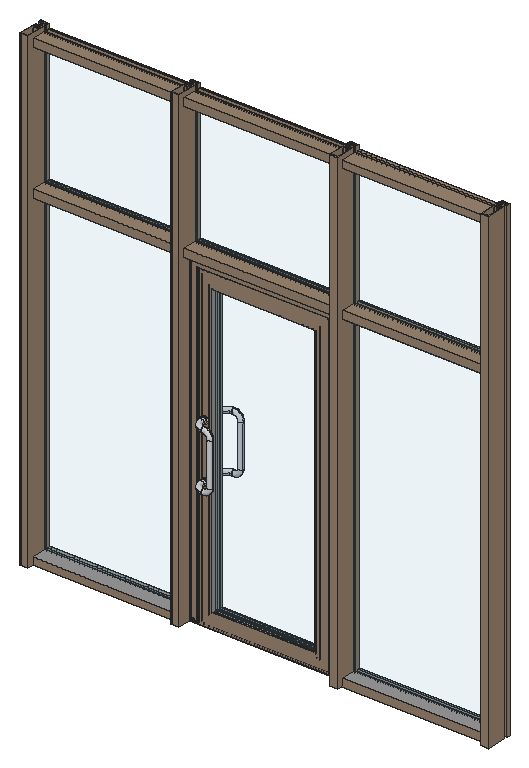
Revit family "4_Витраж с одностворчатой дверью внутр. открывания_F50", category Двери, Revit 2019
Family settings
  Основа = Стена
  Номер OmniClass = 23.30.20.17.11
  Заголовок OmniClass = Fixed Windows
  Всегда вертикально = Да
  При загрузке вырезать с полостями = Нет
  Общий = Нет
  Точка расчета площади = Нет
Parameters (values of type "Стоечно-ригельная F50")
  Ширина прав. = 975.00 mm
  Ширина лев. [instance] = 974.998 mm
  Ширина двери = 1000.00 mm
  Width [instance] = 0.00 mm  # constant formula
  Монтажный зазор.Верх [instance] = 25.00 mm
  Высота двери = 2100.00 mm
  VIDNAL_Ширина створки = 1000.00 mm
  VIDNAL_Ширина проема [instance] = 3000.00 mm
  VIDNAL_Цвет конструкции = ""
  VIDNAL_Фурнитура [instance] = ""
  VIDNAL_Формула стеклопакета [instance] = ""
  VIDNAL_Толщина стеклопакета [instance] = "24"  # constant formula
  VIDNAL_Сопротивление ветровой нагрузке = ""
  VIDNAL_Система профилей [instance] = "F50"  # constant formula
  VIDNAL_Площадь изделия [instance] = VIDNAL_Высота проема * VIDNAL_Ширина проема  # 9.00 m²
  VIDNAL_Звукоизоляция [instance] = ""
  VIDNAL_Глубина вставки [instance] = 200.00 mm
  VIDNAL_Высота проема [instance] = 3000.00 mm
  Rough Width = 0.00 mm  # constant formula
  Rough Height = 0.00 mm  # constant formula
  Описание = "Окно"
  Обозначение = "ГОСТ 23747-2015"
  Наименование = ""
  Монтажный зазор.Правый [instance] = 25.00 mm
  Монтажный зазор.Левый [instance] = 25.002 mm
  Марка проема [instance] = ""
  Model = ""
  Стекло = АС_Стекло
  Рама = Aluminum
  Type Comments = ""
  Assembly Code = ""
  Wall Closure = (empty or 0)
  Height [instance] = 0.00 mm  # constant formula
  Аналитическая конструкция = "<Нет>"
  VIDNAL_Возухопроницаемость [instance] = ""
  VIDNAL_Водонепроницаемость [instance] = ""
  VIDNAL_Rприв. профиля со стеклопакетом [instance] = ""
  ADSK_Позиция [instance] = ""
  ADSK_Завод-изготовитель [instance] = "VIDNAL"  # constant formula
Reference planes
  plane 1 "Глубина профиля": y = -152.984
  plane 2 "Отметка 0.000": z = 0
  plane 3 "Слева": x = -1260.6
  plane 4 "Справа": x = 1739.4
  plane 5 "низ рамы": z = 9
  plane 6 "ВЕРХ": z = 3000
  plane 7 "Внутренняя": y = -190
  plane 8 "стекло центр": x = -248.6
  plane 9 "стекло центр2": x = 727.4
  plane 10 "рама верх": z = 2089.5
  plane 11: y = 190
  plane 12 "стойка1": x = -1235.598
  plane 13 "стойка2": x = -260.6
  plane 14 "стойка3": x = 739.4
  plane 15 "стойка4": x = 1714.4
  plane 16 "Вставка витража": y = 10
  plane 17 "стекло2": x = -272.6
  plane 18 "верх ригеля": z = 2975
  plane 19 "стекло3": x = -1198.598
  plane 20 "стекло верх": z = 2935.5
  plane 21 "ригель2": z = 2100
  plane 22 "стекло сред": z = 2112
  plane 23 "стекло прав": x = 751.4
  plane 24 "стекло прав2": x = 1676.9
  plane 25 "стекло низ": z = 37.5
  plane 26 "Импост": y = -8
  plane 27 "Вставка рамы_слева": x = -250.1
  plane 28 "Вставка рамы_справа": x = 728.905
Forms (mm)
  Extrusion 1, void, detail levels medium+fine
    sketch origin (0, 38, 0) x (0, 0, 1) y (-1, 0, 0)
      loop
        line (3000, -1739.4) -> (3000, 1260.6) -> (0, 1260.6) -> (0, -1739.4) -> (3000, -1739.4)
    from -152 to 228
  Sweep 2, solid, material "Aluminum" <- "Рама"
    path origin (0, 10, 0) x (0, 0, -1) y (-1, 0, 0)
      loop
        line (0, 1235.598) -> (-3000, 1235.598)
    profile "Стойка_110_F50 : Стойка_110_F50" origin (-1235.598, 10, 1500) x (1, 0, 0) y (0, 1, 0)
      loop
        line (47.802, -65.689) -> (2.202, -65.689) -> (2.202, -159.701) -> (47.802, -159.701) -> (47.802, -65.689)
      loop
        line (27, -22.742) -> (27, -17) -> (23.003, -17) -> (23.003, -22.742) -> (27, -22.742)
      loop
        line (27.002, -33.984) -> (27.002, -24.129) -> (23.002, -24.129) -> (23.002, -33.984) -> (27.002, -33.984)
      loop
        line (27.002, -54.258) -> (27.002, -35.261) -> (23.002, -35.261) -> (23.002, -54.258) -> (27.002, -54.258)
      loop
        line (28.302, -63.458) -> (28.302, -55.984) -> (21.702, -55.984) -> (21.702, -63.458) -> (28.302, -63.458)
      loop
        line (2.15, -12) -> (2.15, -15) -> (11.1, -15) -> (11.1, -12) -> (2.15, -12)
      loop
        line (38.9, -12) -> (38.9, -15) -> (47.85, -15) -> (47.85, -12) -> (38.9, -12)
      loop
        line (36.9, -13) -> (36.9, -10) -> (45.838, -10) -> (45.838, -7) -> (49, -7) -> (49, -1.4) -> (1, -1.4) -> (1, -7) -> (4.181, -7) -> (4.181, -10) -> (13.1, -10) -> (13.1, -13) -> (36.9, -13)
      loop
        line (50, 0) -> (0, 0) -> (0, -17.984) -> (12.999, -17.984) -> (12.999, -16.984) -> (14.683, -16.984) -> (14.683, -15) -> (20, -15) -> (20, -63.484) -> (2.202, -63.484) -> (2.202, -58.984) -> (9.709, -58.984) -> (11.764, -56.825) -> (11.764, -53.006) -> (12.992, -53.006) -> (12.992, -41.959) -> (0.002, -41.959) -> (0.002, -53.006) -> (0.002, -162.984) -> (49.952, -162.984) -> (49.952, -53.065) -> (49.952, -41.967) -> (37.007, -41.967) -> (37.007, -53.065) -> (38.202, -53.065) -> (38.202, -56.832) -> (40.295, -58.984) -> (47.802, -58.984) -> (47.802, -63.458) -> (30, -63.458) -> (30, -15) -> (35.317, -15) -> (35.317, -16.99) -> (37.002, -16.99) -> (37.002, -18) -> (50, -18) -> (50, 0)
  Sweep 3, solid, material "Aluminum" <- "Рама"
    path origin (0, 10, 0) x (0, 0, -1) y (-1, 0, 0)
      loop
        line (0, 260.6) -> (-3000, 260.6)
    profile "Стойка_110_F50 : Стойка_110_F50" origin (-260.6, 10, 1500) x (1, 0, 0) y (0, 1, 0)
      loop
        line (22.802, -65.689) -> (-22.798, -65.689) -> (-22.798, -159.701) -> (22.802, -159.701) -> (22.802, -65.689)
      loop
        line (2, -22.742) -> (2, -17) -> (-1.997, -17) -> (-1.997, -22.742) -> (2, -22.742)
      loop
        line (2.002, -33.984) -> (2.002, -24.129) -> (-1.998, -24.129) -> (-1.998, -33.984) -> (2.002, -33.984)
      loop
        line (2.002, -54.258) -> (2.002, -35.261) -> (-1.998, -35.261) -> (-1.998, -54.258) -> (2.002, -54.258)
      loop
        line (3.302, -63.458) -> (3.302, -55.984) -> (-3.298, -55.984) -> (-3.298, -63.458) -> (3.302, -63.458)
      loop
        line (-22.85, -12) -> (-22.85, -15) -> (-13.9, -15) -> (-13.9, -12) -> (-22.85, -12)
      loop
        line (13.9, -12) -> (13.9, -15) -> (22.85, -15) -> (22.85, -12) -> (13.9, -12)
      loop
        line (11.9, -13) -> (11.9, -10) -> (20.838, -10) -> (20.838, -7) -> (24, -7) -> (24, -1.4) -> (-24, -1.4) -> (-24, -7) -> (-20.819, -7) -> (-20.819, -10) -> (-11.9, -10) -> (-11.9, -13) -> (11.9, -13)
      loop
        line (25, 0) -> (-25, 0) -> (-25, -17.984) -> (-12.001, -17.984) -> (-12.001, -16.984) -> (-10.317, -16.984) -> (-10.317, -15) -> (-5, -15) -> (-5, -63.484) -> (-22.798, -63.484) -> (-22.798, -58.984) -> (-15.291, -58.984) -> (-13.236, -56.825) -> (-13.236, -53.006) -> (-12.008, -53.006) -> (-12.008, -41.959) -> (-24.998, -41.959) -> (-24.998, -53.006) -> (-24.998, -162.984) -> (24.952, -162.984) -> (24.952, -53.065) -> (24.952, -41.967) -> (12.007, -41.967) -> (12.007, -53.065) -> (13.202, -53.065) -> (13.202, -56.832) -> (15.295, -58.984) -> (22.802, -58.984) -> (22.802, -63.458) -> (5, -63.458) -> (5, -15) -> (10.317, -15) -> (10.317, -16.99) -> (12.002, -16.99) -> (12.002, -18) -> (25, -18) -> (25, 0)
  Sweep 4, solid, material "Aluminum" <- "Рама"
    path origin (0, 10, 0) x (0, 0, -1) y (-1, 0, 0)
      loop
        line (-2975, 1185.646) -> (-2975, 285.598)
    profile "Ригель_86_F50 : Ригель_86_F50" origin (-735.622, 10, 2975) x (0, 0, -1) y (0, 1, 0)
      loop
        line (10.999, -40.802) -> (1.81, -40.802) -> (1.81, -48) -> (10.999, -48) -> (10.999, -40.802)
      loop
        line (48.199, -40.802) -> (39.01, -40.802) -> (39.01, -48) -> (48.199, -48) -> (48.199, -40.802)
      loop
        line (48.199, -128.4) -> (48.199, -49.673) -> (1.788, -49.673) -> (1.788, -128.4) -> (48.199, -128.4)
      loop
        line (28.5, -21.077) -> (28.5, -14) -> (21.5, -14) -> (21.5, -21.077) -> (28.5, -21.077)
      loop
        line (28.5, -31.01) -> (28.5, -22.563) -> (21.5, -22.563) -> (21.5, -31.01) -> (28.5, -31.01)
      loop
        line (27, -48) -> (27, -33.139) -> (23.02, -33.139) -> (23.02, -48) -> (27, -48)
      loop
        line (2.15, -9) -> (2.15, -12) -> (11.1, -12) -> (11.1, -9) -> (2.15, -9)
      loop
        line (38.9, -9) -> (38.9, -12) -> (47.85, -12) -> (47.85, -9) -> (38.9, -9)
      loop
        line (36.9, -10) -> (36.9, -7) -> (45.819, -7) -> (45.838, -4) -> (49, -4) -> (49, -1.4) -> (1, -1.4) -> (1, -4) -> (4.181, -4) -> (4.181, -7) -> (13.1, -7) -> (13.1, -10) -> (36.9, -10)
      loop
        line (20, -12) -> (20, -48) -> (12.8, -48) -> (12.8, -39) -> (0.024, -39) -> (0.024, -130) -> (50, -130) -> (50, -39) -> (37.2, -39) -> (37.2, -48) -> (29.9, -48) -> (29.9, -12) -> (35.317, -12) -> (35.317, -13.99) -> (37.002, -13.99) -> (37.002, -15) -> (50, -15) -> (50, 0) -> (0, 0) -> (0, -14.984) -> (12.999, -14.984) -> (12.999, -13.984) -> (14.683, -13.984) -> (14.683, -12) -> (20, -12)
  Sweep 5, solid, material "Aluminum" <- "Рама"
    path origin (0.048, 10, 0) x (0, 0, -1) y (-1, 0, 0)
      loop
        line (0, -1714.4) -> (-3000, -1714.4)
    profile "Стойка_110_F50 : Стойка_110_F50" origin (1714.448, 10, 1500) x (1, 0, 0) y (0, 1, 0)
      loop
        line (-2.198, -65.689) -> (-47.798, -65.689) -> (-47.798, -159.701) -> (-2.198, -159.701) -> (-2.198, -65.689)
      loop
        line (-23, -22.742) -> (-23, -17) -> (-26.997, -17) -> (-26.997, -22.742) -> (-23, -22.742)
      loop
        line (-22.998, -33.984) -> (-22.998, -24.129) -> (-26.998, -24.129) -> (-26.998, -33.984) -> (-22.998, -33.984)
      loop
        line (-22.998, -54.258) -> (-22.998, -35.261) -> (-26.998, -35.261) -> (-26.998, -54.258) -> (-22.998, -54.258)
      loop
        line (-21.698, -63.458) -> (-21.698, -55.984) -> (-28.298, -55.984) -> (-28.298, -63.458) -> (-21.698, -63.458)
      loop
        line (-47.85, -12) -> (-47.85, -15) -> (-38.9, -15) -> (-38.9, -12) -> (-47.85, -12)
      loop
        line (-11.1, -12) -> (-11.1, -15) -> (-2.15, -15) -> (-2.15, -12) -> (-11.1, -12)
      loop
        line (-13.1, -13) -> (-13.1, -10) -> (-4.162, -10) -> (-4.162, -7) -> (-1, -7) -> (-1, -1.4) -> (-49, -1.4) -> (-49, -7) -> (-45.819, -7) -> (-45.819, -10) -> (-36.9, -10) -> (-36.9, -13) -> (-13.1, -13)
      loop
        line (0, 0) -> (-50, 0) -> (-50, -17.984) -> (-37.001, -17.984) -> (-37.001, -16.984) -> (-35.317, -16.984) -> (-35.317, -15) -> (-30, -15) -> (-30, -63.484) -> (-47.798, -63.484) -> (-47.798, -58.984) -> (-40.291, -58.984) -> (-38.236, -56.825) -> (-38.236, -53.006) -> (-37.008, -53.006) -> (-37.008, -41.959) -> (-49.998, -41.959) -> (-49.998, -53.006) -> (-49.998, -162.984) -> (-0.048, -162.984) -> (-0.048, -53.065) -> (-0.048, -41.967) -> (-12.993, -41.967) -> (-12.993, -53.065) -> (-11.798, -53.065) -> (-11.798, -56.832) -> (-9.705, -58.984) -> (-2.198, -58.984) -> (-2.198, -63.458) -> (-20, -63.458) -> (-20, -15) -> (-14.683, -15) -> (-14.683, -16.99) -> (-12.998, -16.99) -> (-12.998, -18) -> (0, -18) -> (0, 0)
  Extrusion 6, solid, material "АС_Стекло"
    sketch origin (0, -8, 0) x (0, 0, 1) y (-1, 0, 0)
      loop
        line (2089.5, 1198.598) -> (35.317, 1198.598) -> (35.317, 272.6) -> (2089.5, 272.6) -> (2089.5, 1198.598)
    from 0 to 24
  Sweep 7, solid, material "Aluminum" <- "Рама"
    path origin (0, 10, 0) x (0, 0, -1) y (-1, 0, 0)
      loop
        line (0, -739.4) -> (-3000, -739.4)
    profile "Стойка_110_F50 : Стойка_110_F50" origin (739.4, 10, 1500) x (1, 0, 0) y (0, 1, 0)
      loop
        line (22.802, -65.689) -> (-22.798, -65.689) -> (-22.798, -159.701) -> (22.802, -159.701) -> (22.802, -65.689)
      loop
        line (2, -22.742) -> (2, -17) -> (-1.997, -17) -> (-1.997, -22.742) -> (2, -22.742)
      loop
        line (2.002, -33.984) -> (2.002, -24.129) -> (-1.998, -24.129) -> (-1.998, -33.984) -> (2.002, -33.984)
      loop
        line (2.002, -54.258) -> (2.002, -35.261) -> (-1.998, -35.261) -> (-1.998, -54.258) -> (2.002, -54.258)
      loop
        line (3.302, -63.458) -> (3.302, -55.984) -> (-3.298, -55.984) -> (-3.298, -63.458) -> (3.302, -63.458)
      loop
        line (-22.85, -12) -> (-22.85, -15) -> (-13.9, -15) -> (-13.9, -12) -> (-22.85, -12)
      loop
        line (13.9, -12) -> (13.9, -15) -> (22.85, -15) -> (22.85, -12) -> (13.9, -12)
      loop
        line (11.9, -13) -> (11.9, -10) -> (20.838, -10) -> (20.838, -7) -> (24, -7) -> (24, -1.4) -> (-24, -1.4) -> (-24, -7) -> (-20.819, -7) -> (-20.819, -10) -> (-11.9, -10) -> (-11.9, -13) -> (11.9, -13)
      loop
        line (25, 0) -> (-25, 0) -> (-25, -17.984) -> (-12.001, -17.984) -> (-12.001, -16.984) -> (-10.317, -16.984) -> (-10.317, -15) -> (-5, -15) -> (-5, -63.484) -> (-22.798, -63.484) -> (-22.798, -58.984) -> (-15.291, -58.984) -> (-13.236, -56.825) -> (-13.236, -53.006) -> (-12.008, -53.006) -> (-12.008, -41.959) -> (-24.998, -41.959) -> (-24.998, -53.006) -> (-24.998, -162.984) -> (24.952, -162.984) -> (24.952, -53.065) -> (24.952, -41.967) -> (12.007, -41.967) -> (12.007, -53.065) -> (13.202, -53.065) -> (13.202, -56.832) -> (15.295, -58.984) -> (22.802, -58.984) -> (22.802, -63.458) -> (5, -63.458) -> (5, -15) -> (10.317, -15) -> (10.317, -16.99) -> (12.002, -16.99) -> (12.002, -18) -> (25, -18) -> (25, 0)
  Sweep 8, solid, material "Aluminum" <- "Рама"
    path origin (0, 10, 0) x (0, 0, -1) y (-1, 0, 0)
      loop
        line (-2975, 235.648) -> (-2975, -714.402)
    profile "Ригель_86_F50 : Ригель_86_F50" origin (239.377, 10, 2975) x (0, 0, -1) y (0, 1, 0)
      loop
        line (10.999, -40.802) -> (1.81, -40.802) -> (1.81, -48) -> (10.999, -48) -> (10.999, -40.802)
      loop
        line (48.199, -40.802) -> (39.01, -40.802) -> (39.01, -48) -> (48.199, -48) -> (48.199, -40.802)
      loop
        line (48.199, -128.4) -> (48.199, -49.673) -> (1.788, -49.673) -> (1.788, -128.4) -> (48.199, -128.4)
      loop
        line (28.5, -21.077) -> (28.5, -14) -> (21.5, -14) -> (21.5, -21.077) -> (28.5, -21.077)
      loop
        line (28.5, -31.01) -> (28.5, -22.563) -> (21.5, -22.563) -> (21.5, -31.01) -> (28.5, -31.01)
      loop
        line (27, -48) -> (27, -33.139) -> (23.02, -33.139) -> (23.02, -48) -> (27, -48)
      loop
        line (2.15, -9) -> (2.15, -12) -> (11.1, -12) -> (11.1, -9) -> (2.15, -9)
      loop
        line (38.9, -9) -> (38.9, -12) -> (47.85, -12) -> (47.85, -9) -> (38.9, -9)
      loop
        line (36.9, -10) -> (36.9, -7) -> (45.819, -7) -> (45.838, -4) -> (49, -4) -> (49, -1.4) -> (1, -1.4) -> (1, -4) -> (4.181, -4) -> (4.181, -7) -> (13.1, -7) -> (13.1, -10) -> (36.9, -10)
      loop
        line (20, -12) -> (20, -48) -> (12.8, -48) -> (12.8, -39) -> (0.024, -39) -> (0.024, -130) -> (50, -130) -> (50, -39) -> (37.2, -39) -> (37.2, -48) -> (29.9, -48) -> (29.9, -12) -> (35.317, -12) -> (35.317, -13.99) -> (37.002, -13.99) -> (37.002, -15) -> (50, -15) -> (50, 0) -> (0, 0) -> (0, -14.984) -> (12.999, -14.984) -> (12.999, -13.984) -> (14.683, -13.984) -> (14.683, -12) -> (20, -12)
  Sweep 9, solid, material "Aluminum" <- "Рама"
    path origin (0, 10, 0) x (0, 0, -1) y (-1, 0, 0)
      loop
        line (-2975, -764.352) -> (-2975, -1664.45)
    profile "Ригель_86_F50 : Ригель_86_F50" origin (1214.401, 10, 2975) x (0, 0, -1) y (0, 1, 0)
      loop
        line (10.999, -40.802) -> (1.81, -40.802) -> (1.81, -48) -> (10.999, -48) -> (10.999, -40.802)
      loop
        line (48.199, -40.802) -> (39.01, -40.802) -> (39.01, -48) -> (48.199, -48) -> (48.199, -40.802)
      loop
        line (48.199, -128.4) -> (48.199, -49.673) -> (1.788, -49.673) -> (1.788, -128.4) -> (48.199, -128.4)
      loop
        line (28.5, -21.077) -> (28.5, -14) -> (21.5, -14) -> (21.5, -21.077) -> (28.5, -21.077)
      loop
        line (28.5, -31.01) -> (28.5, -22.563) -> (21.5, -22.563) -> (21.5, -31.01) -> (28.5, -31.01)
      loop
        line (27, -48) -> (27, -33.139) -> (23.02, -33.139) -> (23.02, -48) -> (27, -48)
      loop
        line (2.15, -9) -> (2.15, -12) -> (11.1, -12) -> (11.1, -9) -> (2.15, -9)
      loop
        line (38.9, -9) -> (38.9, -12) -> (47.85, -12) -> (47.85, -9) -> (38.9, -9)
      loop
        line (36.9, -10) -> (36.9, -7) -> (45.819, -7) -> (45.838, -4) -> (49, -4) -> (49, -1.4) -> (1, -1.4) -> (1, -4) -> (4.181, -4) -> (4.181, -7) -> (13.1, -7) -> (13.1, -10) -> (36.9, -10)
      loop
        line (20, -12) -> (20, -48) -> (12.8, -48) -> (12.8, -39) -> (0.024, -39) -> (0.024, -130) -> (50, -130) -> (50, -39) -> (37.2, -39) -> (37.2, -48) -> (29.9, -48) -> (29.9, -12) -> (35.317, -12) -> (35.317, -13.99) -> (37.002, -13.99) -> (37.002, -15) -> (50, -15) -> (50, 0) -> (0, 0) -> (0, -14.984) -> (12.999, -14.984) -> (12.999, -13.984) -> (14.683, -13.984) -> (14.683, -12) -> (20, -12)
  Sweep 10, solid, material "Aluminum" <- "Рама"
    path origin (0, 10, 0) x (0, 0, -1) y (-1, 0, 0)
      loop
        line (-2100, 1185.646) -> (-2100, 285.598)
    profile "Ригель_86_F50 : Ригель_86_F50" origin (-735.622, 10, 2100) x (0, 0, -1) y (0, 1, 0)
      loop
        line (-14.001, -40.802) -> (-23.19, -40.802) -> (-23.19, -48) -> (-14.001, -48) -> (-14.001, -40.802)
      loop
        line (23.199, -40.802) -> (14.01, -40.802) -> (14.01, -48) -> (23.199, -48) -> (23.199, -40.802)
      loop
        line (23.199, -128.4) -> (23.199, -49.673) -> (-23.212, -49.673) -> (-23.212, -128.4) -> (23.199, -128.4)
      loop
        line (3.5, -21.077) -> (3.5, -14) -> (-3.5, -14) -> (-3.5, -21.077) -> (3.5, -21.077)
      loop
        line (3.5, -31.01) -> (3.5, -22.563) -> (-3.5, -22.563) -> (-3.5, -31.01) -> (3.5, -31.01)
      loop
        line (2, -48) -> (2, -33.139) -> (-1.98, -33.139) -> (-1.98, -48) -> (2, -48)
      loop
        line (-22.85, -9) -> (-22.85, -12) -> (-13.9, -12) -> (-13.9, -9) -> (-22.85, -9)
      loop
        line (13.9, -9) -> (13.9, -12) -> (22.85, -12) -> (22.85, -9) -> (13.9, -9)
      loop
        line (11.9, -10) -> (11.9, -7) -> (20.819, -7) -> (20.838, -4) -> (24, -4) -> (24, -1.4) -> (-24, -1.4) -> (-24, -4) -> (-20.819, -4) -> (-20.819, -7) -> (-11.9, -7) -> (-11.9, -10) -> (11.9, -10)
      loop
        line (-5, -12) -> (-5, -48) -> (-12.2, -48) -> (-12.2, -39) -> (-24.976, -39) -> (-24.976, -130) -> (25, -130) -> (25, -39) -> (12.2, -39) -> (12.2, -48) -> (4.9, -48) -> (4.9, -12) -> (10.317, -12) -> (10.317, -13.99) -> (12.002, -13.99) -> (12.002, -15) -> (25, -15) -> (25, 0) -> (-25, 0) -> (-25, -14.984) -> (-12.001, -14.984) -> (-12.001, -13.984) -> (-10.317, -13.984) -> (-10.317, -12) -> (-5, -12)
  Sweep 11, solid, material "Aluminum" <- "Рама"
    path origin (0, 10, 0) x (0, 0, -1) y (-1, 0, 0)
      loop
        line (-2100, 235.648) -> (-2100, -714.402)
    profile "Ригель_86_F50 : Ригель_86_F50" origin (239.377, 10, 2100) x (0, 0, -1) y (0, 1, 0)
      loop
        line (-14.001, -40.802) -> (-23.19, -40.802) -> (-23.19, -48) -> (-14.001, -48) -> (-14.001, -40.802)
      loop
        line (23.199, -40.802) -> (14.01, -40.802) -> (14.01, -48) -> (23.199, -48) -> (23.199, -40.802)
      loop
        line (23.199, -128.4) -> (23.199, -49.673) -> (-23.212, -49.673) -> (-23.212, -128.4) -> (23.199, -128.4)
      loop
        line (3.5, -21.077) -> (3.5, -14) -> (-3.5, -14) -> (-3.5, -21.077) -> (3.5, -21.077)
      loop
        line (3.5, -31.01) -> (3.5, -22.563) -> (-3.5, -22.563) -> (-3.5, -31.01) -> (3.5, -31.01)
      loop
        line (2, -48) -> (2, -33.139) -> (-1.98, -33.139) -> (-1.98, -48) -> (2, -48)
      loop
        line (-22.85, -9) -> (-22.85, -12) -> (-13.9, -12) -> (-13.9, -9) -> (-22.85, -9)
      loop
        line (13.9, -9) -> (13.9, -12) -> (22.85, -12) -> (22.85, -9) -> (13.9, -9)
      loop
        line (11.9, -10) -> (11.9, -7) -> (20.819, -7) -> (20.838, -4) -> (24, -4) -> (24, -1.4) -> (-24, -1.4) -> (-24, -4) -> (-20.819, -4) -> (-20.819, -7) -> (-11.9, -7) -> (-11.9, -10) -> (11.9, -10)
      loop
        line (-5, -12) -> (-5, -48) -> (-12.2, -48) -> (-12.2, -39) -> (-24.976, -39) -> (-24.976, -130) -> (25, -130) -> (25, -39) -> (12.2, -39) -> (12.2, -48) -> (4.9, -48) -> (4.9, -12) -> (10.317, -12) -> (10.317, -13.99) -> (12.002, -13.99) -> (12.002, -15) -> (25, -15) -> (25, 0) -> (-25, 0) -> (-25, -14.984) -> (-12.001, -14.984) -> (-12.001, -13.984) -> (-10.317, -13.984) -> (-10.317, -12) -> (-5, -12)
  Sweep 12, solid, material "Aluminum" <- "Рама"
    path origin (0, 10, 0) x (0, 0, -1) y (-1, 0, 0)
      loop
        line (-2100, -764.352) -> (-2100, -1664.45)
    profile "Ригель_86_F50 : Ригель_86_F50" origin (1214.401, 10, 2100) x (0, 0, -1) y (0, 1, 0)
      loop
        line (-14.001, -40.802) -> (-23.19, -40.802) -> (-23.19, -48) -> (-14.001, -48) -> (-14.001, -40.802)
      loop
        line (23.199, -40.802) -> (14.01, -40.802) -> (14.01, -48) -> (23.199, -48) -> (23.199, -40.802)
      loop
        line (23.199, -128.4) -> (23.199, -49.673) -> (-23.212, -49.673) -> (-23.212, -128.4) -> (23.199, -128.4)
      loop
        line (3.5, -21.077) -> (3.5, -14) -> (-3.5, -14) -> (-3.5, -21.077) -> (3.5, -21.077)
      loop
        line (3.5, -31.01) -> (3.5, -22.563) -> (-3.5, -22.563) -> (-3.5, -31.01) -> (3.5, -31.01)
      loop
        line (2, -48) -> (2, -33.139) -> (-1.98, -33.139) -> (-1.98, -48) -> (2, -48)
      loop
        line (-22.85, -9) -> (-22.85, -12) -> (-13.9, -12) -> (-13.9, -9) -> (-22.85, -9)
      loop
        line (13.9, -9) -> (13.9, -12) -> (22.85, -12) -> (22.85, -9) -> (13.9, -9)
      loop
        line (11.9, -10) -> (11.9, -7) -> (20.819, -7) -> (20.838, -4) -> (24, -4) -> (24, -1.4) -> (-24, -1.4) -> (-24, -4) -> (-20.819, -4) -> (-20.819, -7) -> (-11.9, -7) -> (-11.9, -10) -> (11.9, -10)
      loop
        line (-5, -12) -> (-5, -48) -> (-12.2, -48) -> (-12.2, -39) -> (-24.976, -39) -> (-24.976, -130) -> (25, -130) -> (25, -39) -> (12.2, -39) -> (12.2, -48) -> (4.9, -48) -> (4.9, -12) -> (10.317, -12) -> (10.317, -13.99) -> (12.002, -13.99) -> (12.002, -15) -> (25, -15) -> (25, 0) -> (-25, 0) -> (-25, -14.984) -> (-12.001, -14.984) -> (-12.001, -13.984) -> (-10.317, -13.984) -> (-10.317, -12) -> (-5, -12)
  Extrusion 13, solid, material "АС_Стекло"
    sketch origin (80.2, -5, 1700) x (0, 0, -1) y (-1, 0, 0)
      loop
        line (-1235.5, 1278.798) -> (-1235.5, 352.8) -> (-412, 352.8) -> (-412, 1278.798) -> (-1235.5, 1278.798)
    from 0 to -24
  Extrusion 14, solid, material "АС_Стекло"
    sketch origin (860.2, -5, 1700) x (0, 0, -1) y (-1, 0, 0)
      loop
        line (-1235.5, 1108.8) -> (-1235.5, 132.8) -> (-412, 132.8) -> (-412, 1108.8) -> (-1235.5, 1108.8)
    from 0 to -24
  Extrusion 15, solid, material "АС_Стекло"
    sketch origin (2640.2, -5, 1700) x (0, 0, -1) y (-1, 0, 0)
      loop
        line (-1235.5, 1888.8) -> (-1235.5, 963.3) -> (-412, 963.3) -> (-412, 1888.8) -> (-1235.5, 1888.8)
    from 0 to -24
  Sweep 16, solid, material "Алюминий"
    path origin (0, 10, 0) x (0, 0, -1) y (-1, 0, 0)
      loop
        line (-50, 1185.646) -> (-50, 285.598)
    profile "Ригель_86_F50 : Ригель_86_F50" origin (-735.622, 10, 50) x (0, 0, -1) y (0, 1, 0)
      loop
        line (10.999, -40.802) -> (1.81, -40.802) -> (1.81, -48) -> (10.999, -48) -> (10.999, -40.802)
      loop
        line (48.199, -40.802) -> (39.01, -40.802) -> (39.01, -48) -> (48.199, -48) -> (48.199, -40.802)
      loop
        line (48.199, -128.4) -> (48.199, -49.673) -> (1.788, -49.673) -> (1.788, -128.4) -> (48.199, -128.4)
      loop
        line (28.5, -21.077) -> (28.5, -14) -> (21.5, -14) -> (21.5, -21.077) -> (28.5, -21.077)
      loop
        line (28.5, -31.01) -> (28.5, -22.563) -> (21.5, -22.563) -> (21.5, -31.01) -> (28.5, -31.01)
      loop
        line (27, -48) -> (27, -33.139) -> (23.02, -33.139) -> (23.02, -48) -> (27, -48)
      loop
        line (2.15, -9) -> (2.15, -12) -> (11.1, -12) -> (11.1, -9) -> (2.15, -9)
      loop
        line (38.9, -9) -> (38.9, -12) -> (47.85, -12) -> (47.85, -9) -> (38.9, -9)
      loop
        line (36.9, -10) -> (36.9, -7) -> (45.819, -7) -> (45.838, -4) -> (49, -4) -> (49, -1.4) -> (1, -1.4) -> (1, -4) -> (4.181, -4) -> (4.181, -7) -> (13.1, -7) -> (13.1, -10) -> (36.9, -10)
      loop
        line (20, -12) -> (20, -48) -> (12.8, -48) -> (12.8, -39) -> (0.024, -39) -> (0.024, -130) -> (50, -130) -> (50, -39) -> (37.2, -39) -> (37.2, -48) -> (29.9, -48) -> (29.9, -12) -> (35.317, -12) -> (35.317, -13.99) -> (37.002, -13.99) -> (37.002, -15) -> (50, -15) -> (50, 0) -> (0, 0) -> (0, -14.984) -> (12.999, -14.984) -> (12.999, -13.984) -> (14.683, -13.984) -> (14.683, -12) -> (20, -12)
  Sweep 17, solid, material "Алюминий"
    path origin (0, 10, 0) x (0, 0, -1) y (-1, 0, 0)
      loop
        line (-50, -763.9) -> (-50, -1664.4)
    profile "Ригель_86_F50 : Ригель_86_F50" origin (1214.15, 10, 50) x (0, 0, -1) y (0, 1, 0)
      loop
        line (10.999, -40.802) -> (1.81, -40.802) -> (1.81, -48) -> (10.999, -48) -> (10.999, -40.802)
      loop
        line (48.199, -40.802) -> (39.01, -40.802) -> (39.01, -48) -> (48.199, -48) -> (48.199, -40.802)
      loop
        line (48.199, -128.4) -> (48.199, -49.673) -> (1.788, -49.673) -> (1.788, -128.4) -> (48.199, -128.4)
      loop
        line (28.5, -21.077) -> (28.5, -14) -> (21.5, -14) -> (21.5, -21.077) -> (28.5, -21.077)
      loop
        line (28.5, -31.01) -> (28.5, -22.563) -> (21.5, -22.563) -> (21.5, -31.01) -> (28.5, -31.01)
      loop
        line (27, -48) -> (27, -33.139) -> (23.02, -33.139) -> (23.02, -48) -> (27, -48)
      loop
        line (2.15, -9) -> (2.15, -12) -> (11.1, -12) -> (11.1, -9) -> (2.15, -9)
      loop
        line (38.9, -9) -> (38.9, -12) -> (47.85, -12) -> (47.85, -9) -> (38.9, -9)
      loop
        line (36.9, -10) -> (36.9, -7) -> (45.819, -7) -> (45.838, -4) -> (49, -4) -> (49, -1.4) -> (1, -1.4) -> (1, -4) -> (4.181, -4) -> (4.181, -7) -> (13.1, -7) -> (13.1, -10) -> (36.9, -10)
      loop
        line (20, -12) -> (20, -48) -> (12.8, -48) -> (12.8, -39) -> (0.024, -39) -> (0.024, -130) -> (50, -130) -> (50, -39) -> (37.2, -39) -> (37.2, -48) -> (29.9, -48) -> (29.9, -12) -> (35.317, -12) -> (35.317, -13.99) -> (37.002, -13.99) -> (37.002, -15) -> (50, -15) -> (50, 0) -> (0, 0) -> (0, -14.984) -> (12.999, -14.984) -> (12.999, -13.984) -> (14.683, -13.984) -> (14.683, -12) -> (20, -12)
  Extrusion 18, solid
    sketch origin (0, -8, 0) x (0, 0, 1) y (-1, 0, 0)
      loop
        line (2089.5, -751.4) -> (37.001, -751.4) -> (37.001, -1676.9) -> (2089.5, -1676.9) -> (2089.5, -751.4)
    from 0 to 24
  Sweep 19, solid
    path origin (-7.533, -8, -0.748) x (0, 0, 1) y (-1, 0, 0)
      loop
        line (14.686, 234.6) -> (2082.284, 234.6) -> (2082.284, -728.47) -> (17.716, -728.47)
    profile "Профиль_Створка_дверь_наруж_(ригель)_162-242 : Профиль_Створка_дверь_наруж_(ригель)_162-242" origin (239.402, -8, 2081.535) x (0, 0, 1) y (0, -1, 0)
      loop
        line (-64.152, 16.171) -> (-56.612, 10) -> (-23.363, 10) -> (-15.85, 16.442) -> (-15.85, 29.758) -> (-23.363, 36) -> (-56.612, 36) -> (-64.152, 29.761) -> (-64.152, 16.171)
      loop
        line (-20.75, 1.8) -> (-20.75, 8.2) -> (-59.25, 8.2) -> (-59.25, 1.8) -> (-20.75, 1.8)
      loop
        line (-64.25, 37.8) -> (-15.75, 37.8) -> (-15.75, 52.948) -> (-20.75, 52.948) -> (-20.75, 70.2) -> (-59.25, 70.2) -> (-59.25, 62.1) -> (-64.25, 62.1) -> (-64.25, 37.8)
      loop
        line (-14, 72) -> (-61, 72) -> (-61, 63.7) -> (-71, 63.7) -> (-71, 62) -> (-66, 62) -> (-66, 8.25) -> (-61, 8.25) -> (-61, 1.5) -> (-76, 1.5) -> (-76, 4.2) -> (-78.43, 4.2) -> (-78.43, 3.051) -> (-77.43, 3.051) -> (-77.43, 1.5) -> (-81.5, 1.5) -> (-81.5, 3.051) -> (-80.5, 3.051) -> (-80.5, 4.2) -> (-83, 4.2) -> (-83, 0) -> (-61, 0) -> (7.967, 0) -> (7.967, 8) -> (1.631, 8) -> (1.631, 4.2) -> (-0.5, 4.2) -> (-0.5, 3.2) -> (1, 3.2) -> (1, 1.5) -> (-19, 1.5) -> (-19, 8.3) -> (-14, 8.3) -> (-14, 57.791) -> (-15.75, 57.791) -> (-15.75, 54.8) -> (-19, 54.8) -> (-19, 70.2) -> (-15.75, 70.2) -> (-15.75, 66.8) -> (-14, 66.8) -> (-14, 72)
  Sweep 20, solid, material "Алюминий"
    path origin (0, -102.008, -55) x (0, 0, -1) y (1, 0, 0)
      loop
        line (-30, -235.6) -> (-30, 714.4)
    profile "Профиль_Порог_174-174 : Профиль_Порог_174-174" origin (239.4, -102.008, -25) x (0, 0, 1) y (0, -1, 0)
      loop
        line (37.138, -53.036) -> (31.993, -49.296) -> (26.849, -53.039) -> (26.849, -66.558) -> (31.993, -70.301) -> (37.138, -66.556) -> (37.138, -53.036)
      loop
        line (41, -26.208) -> (34.001, -26.208) -> (34.001, -30.297) -> (25, -30.297) -> (25, -31.92) -> (26.001, -31.92) -> (26.001, -44.997) -> (25, -44.997) -> (25, -74.6) -> (26.001, -74.6) -> (26.001, -87.677) -> (25, -87.677) -> (25, -89.3) -> (38.938, -89.3) -> (38.938, -83.827) -> (48.3, -83.827) -> (48.3, -75.901) -> (39, -75.901) -> (39, -29.207) -> (35.472, -29.207) -> (35.472, -27.354) -> (41, -27.354) -> (41, -26.208)
      loop
        arc (32.68, -78.274) -> (32, -74.6) -> (31.32, -78.274) r 1.9
        line (31.32, -78.274) -> (30.134, -79.461)
        arc (30.134, -79.461) -> (28.582, -77.254) -> (29.061, -74.6) r 3.5
        line (29.061, -74.6) -> (27.5, -74.6) -> (27.5, -87.502) -> (36.8, -87.502) -> (36.8, -74.6) -> (34.94, -74.6)
        arc (34.94, -74.6) -> (35.418, -77.254) -> (33.867, -79.461) r 3.5
        line (33.867, -79.461) -> (32.68, -78.274)
      loop
        line (32.68, -41.323) -> (33.867, -40.136)
        arc (33.867, -40.136) -> (35.418, -42.342) -> (34.94, -44.997) r 3.5
        line (34.94, -44.997) -> (36.8, -44.997) -> (36.8, -32.095) -> (27.5, -32.095) -> (27.5, -44.997) -> (29.061, -44.997)
        arc (29.061, -44.997) -> (28.582, -42.342) -> (30.134, -40.136) r 3.5
        line (30.134, -40.136) -> (31.32, -41.323)
        arc (31.32, -41.323) -> (32, -44.997) -> (32.68, -41.323) r 1.9
Lines and regions (mm)
  symbolic lines, detail levels fine
    curve 1: line (-163.1, -5, 0) -> (-163.1, -152.984, 0)
    curve 4: line (-163.1, -5, 3000) -> (-163.1, -152.984, 3000)
  symbolic lines
    curve 2: line (-163.1, -5, 1158.833) -> (-163.1, -5, 0)
    curve 3: line (-163.1, -152.984, 0) -> (-163.1, -152.984, 1158.833)
    curve 5: line (-163.1, -5, 2089.5) -> (-163.1, -5, 3000)
    curve 6: line (-163.1, -152.984, 3000) -> (-163.1, -152.984, 2089.5)
  symbolic lines, detail levels coarse
    curve 7: line (1739.4, -5, 3000) -> (1739.4, -5, 0)
    curve 8: line (1739.4, -152.984, 3000) -> (1739.4, -152.984, 0)
  reference lines
    curve 9: line (714.402, -5, 2076.545) -> (714.402, -5, 1131.545)
    curve 10: line (-242.265, -5, 1131.545) -> (-242.265, -5, 2076.545)
    curve 11: line (-242.265, -5, 2076.545) -> (714.402, -5, 2076.545)
Text (mm)
  text "Наружный" at (-2011.448, 646.123, 0), in view "Линия этажа"
  text "Внутренний" at (-2011.448, -562.523, 0), in view "Линия этажа"
  text "Наружный" at (0, 1108.87, 3415.022), in view "Слева"
  text "Наружный" at (0, 464.664, 3176.206), in view "Справа"
Dimensions and locks
  plane 3 "Слева" to plane 4 "Справа" = 3000.00 mm
  plane 9 "стекло центр2" to plane 4 "Справа" = 1012.00 mm
  plane 5 "низ рамы" to plane 5 "низ рамы" = 0.00 mm
  "VIDNAL_Глубина вставки": plane 16 "Вставка витража" to plane 7 "Внутренняя"
  "Монтажный зазор.Левый": plane 3 "Слева" to plane 12 "стойка1"
  locked: plane 13 "стойка2" to plane 8 "стекло центр" at 12
  "Монтажный зазор.Верх": plane 6 "ВЕРХ" to plane 18 "верх ригеля"
  "VIDNAL_Высота проема": plane 6 "ВЕРХ" to plane 2 "Отметка 0.000"
  "VIDNAL_Ширина проема": plane 3 "Слева" to plane 4 "Справа"
  locked: plane 9 "стекло центр2" to plane 14 "стойка3" at 12
  "Монтажный зазор.Правый": plane 15 "стойка4" to plane 4 "Справа"
  locked: plane 22 "стекло сред" to plane 21 "ригель2" at 12
  plane 13 "стойка2" to plane 17 "стекло2" = 12.00 mm  (x2)
  plane 23 "стекло прав" to plane 14 "стойка3" = 12.00 mm  (x2)
  locked: plane 23 "стекло прав" to plane 14 "стойка3" at 12
  locked: plane 13 "стойка2" to plane 17 "стекло2" at 12
  locked: plane 24 "стекло прав2" to plane 15 "стойка4" at 37.5
  locked: plane 12 "стойка1" to plane 19 "стекло3" at 37
  locked: plane 18 "верх ригеля" to plane 20 "стекло верх" at 39.5
  locked: plane 16 "Вставка витража" to plane 26 "Импост" at 18
  plane 18 "верх ригеля" to plane 21 "ригель2" = 875.00 mm
  "Ширина прав.": plane 15 "стойка4" to plane 14 "стойка3"
  "Ширина двери": plane 14 "стойка3" to plane 13 "стойка2"
  "Ширина лев.": plane 13 "стойка2" to plane 12 "стойка1"
  plane 15 "стойка4" to plane 12 "стойка1" = 2949.998 mm
  plane 18 "верх ригеля" to plane 2 "Отметка 0.000" = 2975.00 mm
  plane 21 "ригель2" to plane 10 "рама верх" = 10.50 mm  (x2)
  plane 22 "стекло сред" to plane 21 "ригель2" = 12.00 mm
  locked: plane 27 "Вставка рамы_слева" to plane 13 "стойка2" at 10.5
  plane 14 "стойка3" to plane 28 "Вставка рамы_справа" = 10.495 mm  (x2)
  plane 27 "Вставка рамы_слева" to plane 13 "стойка2" = 10.50 mm
  "Высота двери": plane 21 "ригель2" to plane 2 "Отметка 0.000"
  aligned and locked: plane 7 "Внутренняя" to host wall
  aligned and locked: level to plane 2 "Отметка 0.000"
  aligned and locked: host wall to Extrusion 1  (x2)
  aligned and locked: plane 4 "Справа" to Extrusion 1 sketch curve
  aligned and locked: plane 12 "стойка1" to Sweep 2 sketch curve
  aligned and locked: plane 13 "стойка2" to Sweep 3 sketch curve
  aligned and locked: plane 6 "ВЕРХ" to Sweep 2 sketch curve
  aligned and locked: plane 6 "ВЕРХ" to Sweep 3 sketch curve
  aligned and locked: Extrusion 6 sketch curve to plane 19 "стекло3"
  aligned and locked: plane 17 "стекло2" to Extrusion 6 sketch curve
  aligned and locked: Extrusion 13 sketch curve to plane 20 "стекло верх"
  aligned and locked: Extrusion 13 sketch curve to plane 17 "стекло2"
  aligned and locked: plane 22 "стекло сред" to Extrusion 13 sketch curve
  aligned and locked: plane 19 "стекло3" to Extrusion 13 sketch curve
  aligned and locked: Extrusion 14 sketch curve to plane 20 "стекло верх"
  aligned and locked: plane 8 "стекло центр" to Extrusion 14 sketch curve
  aligned and locked: plane 22 "стекло сред" to Extrusion 14 sketch curve
  aligned and locked: plane 9 "стекло центр2" to Extrusion 14 sketch curve
  aligned and locked: Extrusion 15 sketch curve to plane 20 "стекло верх"
  aligned and locked: Extrusion 15 sketch curve to plane 22 "стекло сред"
  aligned and locked: plane 23 "стекло прав" to Extrusion 15 sketch curve
  aligned and locked: Extrusion 15 sketch curve to plane 24 "стекло прав2"
  aligned and locked: Extrusion 6 sketch curve to plane 10 "рама верх"
  aligned and locked: plane 15 "стойка4" to Sweep 5
  aligned and locked: plane 16 "Вставка витража" to Sweep 7
  aligned and locked: plane 16 "Вставка витража" to Sweep 3
  aligned and locked: plane 16 "Вставка витража" to Sweep 2
  aligned and locked: plane 16 "Вставка витража" to Sweep 5
  aligned and locked: plane 10 "рама верх" to Extrusion 18 sketch curve
  aligned and locked: Extrusion 18 sketch curve to plane 23 "стекло прав"
  aligned and locked: plane 24 "стекло прав2" to Extrusion 18 sketch curve
  aligned and locked: Sweep 3 to Sweep 10 sketch curve
  aligned and locked: Sweep 7 to Sweep 11 sketch curve
  aligned and locked: Sweep 3 to Sweep 11 sketch curve
  aligned and locked: Sweep 3 to Sweep 4 sketch curve
  aligned and locked: Sweep 2 to Sweep 4 sketch curve
  aligned and locked: Sweep 3 to Sweep 8 sketch curve
  aligned and locked: Sweep 7 to Sweep 8 sketch curve
  aligned and locked: Sweep 7 to Sweep 9 sketch curve
  aligned and locked: Sweep 5 to Sweep 9 sketch curve
  aligned and locked: Sweep 7 to Sweep 12 sketch curve
  aligned and locked: Sweep 5 to Sweep 12 sketch curve
  aligned and locked: Sweep 3 to Sweep 16 sketch curve
  aligned and locked: Sweep 2 to Sweep 16 sketch curve
  aligned and locked: nested 1 to Sweep 19  (x3)
  aligned and locked: plane 26 "Импост" to nested 1
  aligned and locked: plane 10 "рама верх" to Sweep 19
  aligned and locked: Sweep 19 to plane 27 "Вставка рамы_слева"
  aligned and locked: plane 28 "Вставка рамы_справа" to Sweep 19
  aligned and locked: curve 1 to Sweep 20
  aligned and locked: Sweep 20 to nested 1
  aligned and locked: nested 1 to plane 5 "низ рамы"
Automatic sketch dimensions
  Extrusion 1 sketch curve to level = 0.00 mm
  Extrusion 1 sketch curve to plane 6 "ВЕРХ" = 0.00 mm
  plane 3 "Слева" to Extrusion 1 sketch curve = 0.00 mm
  curve 6 to plane 1 "Глубина профиля" = 0.00 mm
  curve 1 to plane 1 "Глубина профиля" = 0.00 mm
  curve 5 to plane 10 "рама верх" = 0.00 mm
  plane 6 "ВЕРХ" to curve 5 = 0.00 mm
  curve 6 to plane 10 "рама верх" = 0.00 mm
  curve 5 to plane 26 "Импост" = 3.00 mm
  curve 2 to plane 26 "Импост" = 3.00 mm
  curve 3 to curve 6 = 930.667 mm
  curve 3 to curve 2 = 0.00 mm
  curve 7 to level = 0.00 mm
  plane 6 "ВЕРХ" to curve 7 = 0.00 mm
  curve 8 to level = 0.00 mm
  curve 8 to plane 1 "Глубина профиля" = 0.00 mm
  plane 6 "ВЕРХ" to curve 8 = 0.00 mm
  curve 7 to plane 26 "Импост" = 3.00 mm
  Sweep 2 sketch curve to level = 0.00 mm
  Sweep 3 sketch curve to level = 0.00 mm
  Sweep 4 sketch curve to plane 18 "верх ригеля" = 0.00 mm
  Sweep 5 sketch curve to plane 6 "ВЕРХ" = 0.00 mm
  Sweep 5 sketch curve to level = 0.00 mm
  plane 15 "стойка4" to Sweep 5 sketch curve = 0.048 mm
  Extrusion 6 sketch curve to plane 25 "стекло низ" = 2.183 mm
  Sweep 7 sketch curve to plane 6 "ВЕРХ" = 0.00 mm
  Sweep 7 sketch curve to level = 0.00 mm
  Sweep 7 sketch curve to plane 14 "стойка3" = 0.00 mm
  Sweep 8 sketch curve to plane 18 "верх ригеля" = 0.00 mm
  Sweep 9 sketch curve to plane 18 "верх ригеля" = 0.00 mm
  Sweep 10 sketch curve to plane 21 "ригель2" = 0.00 mm
  plane 19 "стекло3" to Sweep 10 sketch curve = 12.952 mm
  Sweep 11 sketch curve to plane 21 "ригель2" = 0.00 mm
  Sweep 12 sketch curve to plane 21 "ригель2" = 0.00 mm
  plane 25 "стекло низ" to Sweep 16 sketch curve = 12.50 mm
  plane 25 "стекло низ" to Sweep 17 sketch curve = 12.50 mm
  Sweep 17 sketch curve to plane 24 "стекло прав2" = 12.50 mm
  plane 23 "стекло прав" to Sweep 17 sketch curve = 12.50 mm
  Extrusion 18 sketch curve to plane 25 "стекло низ" = 0.499 mm
  curve 11 to plane 10 "рама верх" = 12.955 mm
  plane 9 "стекло центр2" to curve 11 = 12.998 mm
  plane 8 "стекло центр" to curve 11 = 6.335 mm
  curve 10 to curve 10 = 945.00 mm
  curve 9 to curve 10 = 0.00 mm
  Sweep 19 sketch curve to plane 10 "рама верх" = 7.965 mm
  plane 9 "стекло центр2" to Sweep 19 sketch curve = 6.463 mm
  plane 8 "стекло центр" to Sweep 19 sketch curve = 6.467 mm
  Sweep 19 sketch curve to plane 5 "низ рамы" = 4.937 mm
  Sweep 19 sketch curve to plane 5 "низ рамы" = 7.967 mm
  Sweep 20 sketch curve to plane 25 "стекло низ" = 62.50 mm
  plane 8 "стекло центр" to Sweep 20 sketch curve = 13.00 mm
  plane 9 "стекло центр2" to Sweep 20 sketch curve = 13.00 mm
Nested families
  nested 1: "СТВОРКА дверная внутр" at (-176.133, -8, 9), type "Поворотная право"
    with Створка.Ширина 831.07 mm, Створка.Высота 2008.285 mm, Высота импоста 900.00 mm, VIDNAL_Высота ручки 991.00 mm
Definition of nested family "СТВОРКА дверная внутр"
  Parameters (values of type "Поворотная лево")
    отк лев = yes
    от пр = no
    Стекло = none
    Створка.Ширина [instance] = 800.00 mm
    Створка.Высота [instance] = 1800.00 mm
    Створка VIDNAL = none
    Ручка.Справа = yes
    Ручка.Слева = no
    Открытие = yes
    Габариты заполнения = 73.00 mm
    Высота импоста [instance] = 900.00 mm
    Analytic Construction = "<Нет>"
    VIDNAL_Высота ручки [instance] = 1000.00 mm
  Types (2, lengths in mm): name | отк лев | от пр | Ручка.Справа | Ручка.Слева
    Поворотная право | no | yes | no | yes
    Поворотная лево | yes | no | yes | no
  Reference planes
    plane 1 "Center (Front/Back)": y = 0
    plane 2 "Bottom": z = 0
    plane 3 "Left": x = 0
    plane 4 "Right": x = 800
    plane 5 "Top": z = 1800
    plane 6 "ось": z = 900
    plane 7: x = 73
    plane 8: x = 727
    plane 9: y = -8
    plane 10: y = -52
    plane 11: z = 1727
    plane 12: z = 73
    plane 13 "ручка прав": x = 754
    plane 14 "ручка лев": x = 46
    plane 15: z = 1000
    plane 16: x = 91
    plane 17: x = 709
  Forms (mm)
    Extrusion 1, solid, material <- "Стекло"
      sketch origin (0, 0, -100) x (1, 0, 0) y (0, 0, 1)
        loop
          line (73, 173) -> (727, 173) -> (727, 1827) -> (73, 1827) -> (73, 173)
      from 52 to 8
    Sweep 2, solid
      path origin (0, 0, 0) x (1, 0, 0) y (0, 0, 1)
        loop
          line (0, 1800) -> (0, 0) -> (800, 0) -> (800, 1800) -> (0, 1800)
      profile "Профиль_Створка_дверь_внутр_161-241 : Створка_дверь_внутр_161-241" origin (400, 0, 1800) x (0, 0, 1) y (0, -1, 0)
        loop
          line (-22, 8.3) -> (-12, 8.3) -> (-12, 10) -> (-17, 10) -> (-17, 63.75) -> (-22, 63.75) -> (-22, 70.5) -> (-7, 70.5) -> (-7, 67.8) -> (-5, 67.8) -> (-5, 70.5) -> (-3.5, 70.5) -> (-3.5, 67.8) -> (0, 67.8) -> (0, 72) -> (-22, 72) -> (-91, 72) -> (-91, 53.119) -> (-91, 52) -> (-83.992, 52) -> (-84, 53.119) -> (-84, 59.213) -> (-74.325, 53.6) -> (-69, 53.6) -> (-69, 8.3) -> (-64, 8.3) -> (-64, 1.5) -> (-84, 1.5) -> (-84, 3.2) -> (-82.5, 3.2) -> (-82.5, 4.2) -> (-84.631, 4.2) -> (-84.631, 8) -> (-90.967, 8) -> (-90.967, 0) -> (-22, 0) -> (-22, 8.3)
        loop
          line (-18.848, 16.171) -> (-18.848, 29.761) -> (-26.388, 36) -> (-59.637, 36) -> (-67.15, 29.758) -> (-67.15, 16.442) -> (-59.637, 10) -> (-26.388, 10) -> (-18.848, 16.171)
        loop
          line (-62.25, 1.8) -> (-23.75, 1.8) -> (-23.75, 8.2) -> (-62.25, 8.2) -> (-62.25, 1.8)
        loop
          line (-18.75, 37.8) -> (-18.75, 62.1) -> (-23.75, 62.1) -> (-23.75, 70.2) -> (-62.25, 70.2) -> (-62.25, 50.4) -> (-67.25, 50.4) -> (-67.25, 37.8) -> (-18.75, 37.8)
        loop
          line (-74.002, 54.8) -> (-64, 54.8) -> (-64, 66.8) -> (-70.7, 66.8) -> (-70.7, 70.6) -> (-89.6, 70.6) -> (-89.6, 60.6) -> (-84, 60.6) -> (-74.002, 54.8)
  Lines and regions (mm)
    symbolic lines, not visible
      curve 1: line (400, 0, 950) -> (400, 0, 850)
      curve 2: line (350, 0, 900) -> (450, 0, 900)
    symbolic lines, visible <- "от пр"
      curve 3: line (710, -75, 1710) -> (90, -75, 900)
      curve 4: line (90, -75, 900) -> (710, -75, 90)
    symbolic lines, visible <- "отк лев"
      curve 5: line (90, -75, 90) -> (710, -75, 900)
      curve 6: line (710, -75, 900) -> (90, -75, 1710)
  Dimensions and locks
    "Створка.Ширина": plane 4 "Right" to plane 3 "Left"
    "Створка.Высота": plane 5 "Top" to plane 2 "Bottom"
    equal spacing: plane 3 "Left", curve 1, plane 4 "Right"
    equal spacing: plane 5 "Top", curve 2, plane 2 "Bottom"
    locked: plane 9 to plane 1 "Center (Front/Back)" at 8
    "Габариты заполнения": plane 3 "Left" to plane 7
    "Габариты заполнения": plane 8 to plane 4 "Right"
    "Габариты заполнения": plane 12 to plane 2 "Bottom"
    "Габариты заполнения": plane 5 "Top" to plane 11
    plane 14 "ручка лев" to plane 3 "Left" = 46.00 mm
    plane 13 "ручка прав" to plane 4 "Right" = 46.00 mm
    locked: plane 3 "Left" to plane 14 "ручка лев" at 46
    "VIDNAL_Высота ручки": plane 15 to plane 2 "Bottom"
    plane 3 "Left" to plane 16 = 91.00 mm
    plane 17 to plane 4 "Right" = 91.00 mm
    locked: plane 13 "ручка прав" to plane 4 "Right" at 46
    equal spacing: plane 5 "Top", plane 6 "ось", plane 2 "Bottom", locked at 900 each
    aligned and locked: level to plane 2 "Bottom"
    aligned and locked: plane 6 "ось" to curve 4
    aligned and locked: plane 6 "ось" to curve 6
    aligned and locked: Extrusion 1 to plane 7
    aligned and locked: Extrusion 1 to plane 9
    aligned and locked: Extrusion 1 to plane 10
    aligned and locked: plane 8 to Extrusion 1
    aligned and locked: Extrusion 1 to plane 12
    aligned and locked: plane 11 to Extrusion 1
    aligned and locked: nested 1 to plane 14 "ручка лев"
    aligned and locked: nested 1 to plane 15
    aligned and locked: plane 15 to nested 2
    aligned and locked: plane 13 "ручка прав" to nested 2
    aligned and locked: plane 14 "ручка лев" to nested 3
    aligned and locked: nested 4 to plane 13 "ручка прав"
    aligned and locked: plane 15 to nested 3
    aligned and locked: nested 4 to plane 15
  Automatic sketch dimensions
    plane 7 to Extrusion 1 sketch curve = 0.00 mm
    Extrusion 1 sketch curve to plane 8 = 0.00 mm
    Extrusion 1 sketch curve to plane 12 = 0.00 mm
    Extrusion 1 sketch curve to plane 11 = 0.00 mm
    plane 7 to curve 6 = 17.00 mm
    plane 7 to curve 5 = 17.00 mm
    plane 7 to curve 4 = 17.00 mm
    curve 5 to plane 8 = 17.00 mm
    curve 3 to plane 8 = 17.00 mm
    plane 12 to curve 5 = 17.00 mm
    plane 12 to curve 4 = 17.00 mm
    curve 3 to plane 11 = 17.00 mm
    curve 4 to plane 8 = 17.00 mm
    curve 6 to plane 11 = 17.00 mm
    Sweep 2 sketch curve to level = 0.00 mm
    Sweep 2 sketch curve to plane 3 "Left" = 0.00 mm
    plane 4 "Right" to Sweep 2 sketch curve = 0.00 mm
    Sweep 2 sketch curve to plane 5 "Top" = 0.00 mm
    curve 1 to plane 6 "ось" = 50.00 mm
    plane 6 "ось" to curve 1 = 50.00 mm
    curve 2 to curve 1 = 50.00 mm
    curve 1 to curve 2 = 50.00 mm
  Nested families
    nested 1: "Ручка дверная прямоугольная" at (46, -82, 889.834), visible <- "Ручка.Слева", type "Ручка дверная прямоугольная"
      with Ручка высота установки 110.166 mm
    nested 2: "Ручка дверная прямоугольная" at (754, -82, 889.834) x (-1, 0, 0) z (0, 0, 1), visible <- "Ручка.Справа", type "Ручка дверная прямоугольная"
      with Ручка высота установки 110.166 mm
    nested 3: "Ручка дверная прямоугольная" at (46, 10, 889.834), visible <- "Ручка.Слева", type "Ручка дверная прямоугольная"
      with Ручка высота установки 110.166 mm
    nested 4: "Ручка дверная прямоугольная" at (754, 10, 889.834) x (-1, 0, 0) z (0, 0, 1), visible <- "Ручка.Справа", type "Ручка дверная прямоугольная"
      with Ручка высота установки 110.166 mm
  Definition of nested family "Ручка дверная прямоугольная"
    Parameters (values of type "Ручка дверная прямоугольная")
      Ручка высота установки [instance] = 110.166 mm
    Reference planes
      plane 1 "По центру (Вперед/Назад)": y = 0
      plane 2: z = 0
      plane 3 "По центру (Влево/Вправо)": x = 0
      plane 4: y = -10
      plane 5 "1": x = 55
      plane 6 "2": y = 74
      plane 7 "Высота ручки": z = 110.166
    Forms (mm)
      Extrusion 1, solid
        sketch origin (0, 0, 0) x (1, 0, 0) y (0, 0, 1)
          loop
            circle (0, 285.166) r 20
        from 0 to 10
      Extrusion 2, solid
        sketch origin (0, 0, 0) x (1, 0, 0) y (0, 0, 1)
          loop
            circle (0, -64.834) r 20
        from 0 to 10
      Sweep 3, solid
        path origin (0, 0, 0) x (1, 0, 0) y (0, 1, 0)
          loop
            line (0, 0) -> (0, 20)
            arc (0, 20) -> (15.816, 58.184) -> (54, 74) r 54
            line (54, 74) -> (55, 74)
        profile origin (0, 10, 0) x (-1, 0, 0) y (0, 0, 1)
          loop
            circle (0, 285.166) r 15
          loop
            circle (0, -64.834) r 15
      Sweep 4, solid
        path origin (0, 74, 0) x (-1, 0, 0) y (0, 0, 1)
          loop
            line (-55, 285.166) -> (-60, 285.166)
            arc (-60, 285.166) -> (-88.284, 273.45) -> (-100, 245.166) r 40
            line (-100, 245.166) -> (-100, -24.834)
            arc (-100, -24.834) -> (-88.284, -53.118) -> (-60, -64.834) r 40
            line (-60, -64.834) -> (-55, -64.834)
        profile origin (57.5, 74, 285.166) x (0, 0, -1) y (0, 1, 0)
          loop
            circle (0, 0) r 15
    Dimensions and locks
      plane 1 "По центру (Вперед/Назад)" to plane 4 = 10.00 mm
      locked: plane 4 to plane 6 "2" at 84
      locked: plane 3 "По центру (Влево/Вправо)" to plane 5 "1" at 55
      locked: Extrusion 1 sketch curve to plane 7 "Высота ручки" at 175
      locked: plane 7 "Высота ручки" to Extrusion 2 sketch curve at 175
      locked: Sweep 3 sketch curve to plane 7 "Высота ручки" at 175
      locked: plane 7 "Высота ручки" to Sweep 3 sketch curve at 175
      "Ручка высота установки": plane 7 "Высота ручки" to level
      locked: Sweep 4 sketch curve to Sweep 4 sketch curve at 350
      locked: Sweep 4 sketch curve to Sweep 4 sketch curve at 45  (x2)
      Sweep 4 sketch curve to plane 7 "Высота ручки" = 175.00 mm
      locked: Sweep 4 sketch curve to plane 3 "По центру (Влево/Вправо)" at 100
      aligned and locked: level to plane 2
      aligned and locked: plane 4 to Extrusion 1
      aligned and locked: plane 4 to Extrusion 2
    Automatic sketch dimensions
      Extrusion 1 sketch curve to plane 3 "По центру (Влево/Вправо)" = 0.00 mm
      Extrusion 2 sketch curve to plane 3 "По центру (Влево/Вправо)" = 0.00 mm
      Sweep 3 sketch curve to plane 3 "По центру (Влево/Вправо)" = 0.00 mm
      Sweep 3 sketch curve to plane 6 "2" = 0.00 mm
      Sweep 3 sketch curve to plane 5 "1" = 0.00 mm
      plane 1 "По центру (Вперед/Назад)" to Sweep 3 sketch curve = 0.00 mm
      Sweep 3 sketch curve to plane 5 "1" = 1.00 mm
      Sweep 3 sketch curve to profile plane = 0.00 mm  (x2)
      Sweep 4 sketch curve to plane 6 "2" = 0.00 mm
      Sweep 4 sketch curve to profile plane = 0.00 mm
      plane 5 "1" to Sweep 4 sketch curve = 5.00 mm  (x2)
      radius of Extrusion 1 sketch curve = 20.00 mm
      radius of Extrusion 2 sketch curve = 20.00 mm
      radius of Sweep 3 sketch curve = 15.00 mm  (x2)
      radius of Sweep 4 sketch curve = 15.00 mm
